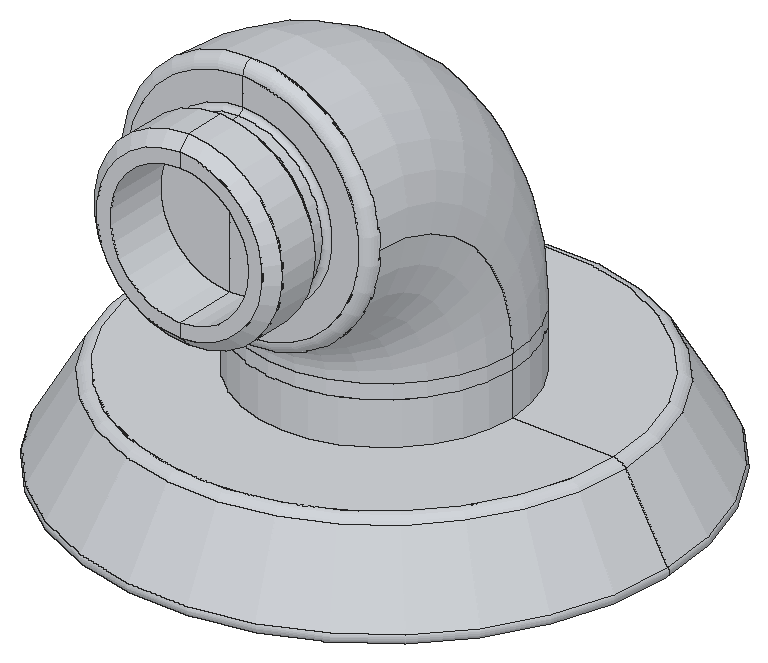
Revit family "Shower-Wall_Supply_Elbow-KOHLER-Forte-K-22174", category Plumbing Fixtures, host Face, Revit 2015
Parameters (values of type "CP-Polished Chrome")
  Width = 2 1/2"  # constant formula
  Waste Water Outlet = "Waste Water Outlet"  # constant formula
  Waste Connection = 1 = 0  # no
  Vent Connection = 1 = 0  # no
  URL = "https://www.us.kohler.com/us/"
  Type = 1
  Product Page URL = "http://www.us.kohler.com/us/catalog/productDetails.jsp?productNumber=22174"
  Product Name = "Forte"  # constant formula
  Product Documentation Link = "http://www.us.kohler.com/onlinecatalog/pdf/K-22174_spec.pdf"
  Panel Thickness = 0"
  Model = if(Type = 1, "K-22174-CP", if(Type = 2, "K-22174-SN", if(Type = 3, "K-22174-G", if(Type = 4, "K-22174-BN", if(Type = 5, "K-22174-BV", if(Type = 6, "K-22174-2BZ", "NA"))))))  # "K-22174-CP"
  Material = "Brass Construction"  # constant formula
  MasterFormat 2004 = "22.41.23"  # constant formula
  MasterFormat 1995 = "15410"  # constant formula
  Manufacturer Address = "444 Highland Dr, Kohler, WI 53044"  # constant formula
  Manufacturer = "KOHLER Co."  # constant formula
  Length = 1 15/16"  # constant formula
  Hot Water Inlet = "Tempered Water Inlet"  # constant formula
  Height = 2 1/2"  # constant formula
  HW Connection = 1 = 1  # yes
  Finish = Kohler-Metal-CP-Polished_Chrome
  Environmental Product Declaration = ""
  Drain Included = 1 = 0  # no
  Description = "Wall-mount supply elbow with check valve"  # constant formula
  Default Elevation = 36"
  Declare Label = ""
  Date Modified = "12/17/2018"  # constant formula
  Date Created = "12/17/2018"  # constant formula
  Copyright = "Copyright KOHLER Co."  # constant formula
  Contact Us = "https://www.us.kohler.com/us/static/contact.jsp"
  Cold Water Inlet = "Cold Water Inlet"  # constant formula
  CW Connection = 1 = 0  # no
  Assembly Code = "D2010700"
  ADA Compliant = 1 = 0  # no
Types (7): name | Type | Model | Finish
  (no name) | 1 | "K-22174-CP" | Kohler-Metal-CP-Polished_Chrome
  CP-Polished Chrome | 1 | "K-22174-CP" | Kohler-Metal-CP-Polished_Chrome
  SN-Vibrant Polished Nickel | 2 | "K-22174-SN" | Kohler-Metal-SN-Vibrant_Polished_Nickel
  G-Brushed Chrome | 3 | "K-22174-G" | Kohler-Metal-G-Brushed_Chrome
  BN-Vibrant Brushed Nickel | 4 | "K-22174-BN" | Kohler-Metal-BN-Vibrant_Brushed_Nickel
  BV-Vibrant Brushed Bronze | 5 | "K-22174-BV" | Kohler-Metal-BV-Brushed_Bronze
  2BZ-Oil Rubbed Bronze | 6 | "K-22174-2BZ" | Kohler-Metal-2BZ-Oil_Rubbed_Bronze
Reference planes (in)
  plane 1 "Center (Front/Back)": y = 0
  plane 2: z = 0
  plane 3 "Center (Left/Right)": x = 0
  plane 4: y = 1.25
  plane 5: x = 1.25
  plane 6: y = -1.25
  plane 7: x = -1.25
  plane 8: z = 1.9375
Dimensions and locks (in)
  "Width": plane 5 to plane 7
  "Length": plane 8 to level
  "Height": plane 6 to plane 4
  aligned and locked: host face to plane 2
  aligned and locked: host face to level
Automatic sketch dimensions
  host sketch curve to host sketch curve = 96"  (x2)
Nested families (in)
  nested 1: "K-22174" at (0, 0, 0), type "K-22174"
Connectors (in)
  piping at (0, 0, 0), diameter 0.5, driven by "HW Connection", driven by "Hot Water Inlet"
    settings: on nested 1, index 1, connector inside diameter 24", connector length 0", flow factor 0, pipe flow 0 GPM, pressure drop 0.00 psi, fitting loss kfactor 0, connector angle 0.00°, fixture units 0, engagement length 0", angle of deflection 0.00°, flow configuration 0, flow direction 1, fitting loss method 0, system type 19, joint type 0, gender type 0, connector reference index -1, connector utility 1, adjustable connector no, is connector primary yes, connector description "Tempered Water Inlet"
Definition of nested family "K-22174"
  Parameters (values of type "K-22174")
    Material = none
  Reference planes (in)
    plane 1 "Center (Front/Back)": y = 0
    plane 2: z = 0
    plane 3 "Center (Left/Right)": x = 0
    plane 4: y = -1.25
    plane 5: y = 1.25
    plane 6: z = 1.9375
    plane 7: x = 1.25
    plane 8: x = -1.25
  Forms (in)
    Revolve 1, solid, material <- "Material", detail levels medium+fine
      sketch origin (0, 0, 0) x (1, 0, 0) y (0, 0, 1)
        loop
          line (0, 0) -> (0, 0.62254) -> (-0.539, 0.62254) -> (-0.5625, 0.58771) -> (-0.5625, 0.4) -> (-1.00756, 0.4)
          arc (-1.00756, 0.4) -> (-1.03673, 0.3924) -> (-1.05849, 0.37153) r 0.0598
          arc (-1.05849, 0.37153) -> (-1.15442, 0.21069) -> (-1.24592, 0.04729) r 6.86344
          arc (-1.24592, 0.04729) -> (-1.24529, 0.01564) -> (-1.21777, 0) r 0.03202
          line (-1.21777, 0) -> (0, 0)
        axis (0, 0.62254) -> (0, 0)
      angle from 0 to 360
    Sweep 2, solid, material <- "Material", detail levels medium+fine
      path origin (0, 0, -0.00489) x (0, 1, 0) y (0, 0, 1)
        loop
          line (0, 0.59259) -> (0, 0.65425)
          arc (0, 0.65425) -> (-0.21253, 1.16735) -> (-0.72564, 1.37989) r 0.72564
      profile origin (0, 0, 0.61854) x (0, -1, 0) y (1, 0, 0)
        loop
          circle (0, 0) r 0.5625
    Revolve 3, solid, material <- "Material", detail levels medium+fine
      sketch origin (0, 0, 0) x (0, 1, 0) y (0, 0, 1)
        loop
          line (-0.69518, 1.375) -> (-0.69518, 1.91617) -> (-0.72564, 1.9375)
          arc (-0.72564, 1.9375) -> (-0.76073, 1.92089) -> (-0.775, 1.88477) r 0.05284
          line (-0.775, 1.88477) -> (-0.775, 1.76405)
          arc (-0.775, 1.76405) -> (-0.78204, 1.74704) -> (-0.79905, 1.74) r 0.02405
          line (-0.79905, 1.74) -> (-0.84958, 1.74) -> (-0.89958, 1.79) -> (-1.075, 1.79) -> (-1.125, 1.74) -> (-1.125, 1.67986) -> (-0.84965, 1.67986) -> (-0.84965, 1.375) -> (-0.69518, 1.375)
        axis (-1.125, 1.375) -> (-0.69518, 1.375)
      angle from 0 to 360
    Sweep 4, solid, material <- "Material", detail levels coarse
      path origin (0, 0, 0) x (0, 1, 0) y (0, 0, 1)
        loop
          line (0, 0.4) -> (0, 0.63602)
          arc (0, 0.63602) -> (-0.21644, 1.15856) -> (-0.73898, 1.375) r 0.73898
          line (-0.73898, 1.375) -> (-1.125, 1.375)
      profile origin (0, 0, 0.51801) x (0, -1, 0) y (1, 0, 0)
        loop
          circle (0, 0) r 0.5625
    Extrusion 5, solid, material <- "Material", detail levels coarse
      sketch origin (0, 0, 0) x (1, 0, 0) y (0, 1, 0)
        loop
          circle (0, 0) r 1.25
      from 0 to 0.4
  Cuts and joins
    joined: Revolve 1, Sweep 2, Revolve 3
    joined: Sweep 4, Extrusion 5
  Lines and regions (in)
    Masking region 1
      outline origin (0, 0, 0) x (1, 0, 0) y (0, 1, 0)
        loop
          arc (-1.25, 0) -> (-0.88388, -0.88388) -> (0, -1.25) r 1.25
          arc (0, -1.25) -> (0.88388, -0.88388) -> (1.25, 0) r 1.25
          arc (1.25, 0) -> (0.88388, 0.88388) -> (0, 1.25) r 1.25
          arc (0, 1.25) -> (-0.88388, 0.88388) -> (-1.25, 0) r 1.25
    Masking region 2
      outline origin (0, 0, 0) x (0, 1, 0) y (0, 0, 1)
        loop
          line (-1.21824, 0) -> (1.21824, 0)
          arc (1.21824, 0) -> (1.24032, 0.00892) -> (1.25, 0.03067) r 0.03178
          arc (1.25, 0.03067) -> (1.15861, 0.20953) -> (1.05185, 0.37967) r 2.28414
          arc (1.05185, 0.37967) -> (1.03088, 0.39469) -> (1.00563, 0.4) r 0.06272
          line (1.00563, 0.4) -> (0.5625, 0.4) -> (0.5625, 0.65196)
          arc (0.5625, 0.65196) -> (0.18506, 1.56189) -> (-0.72564, 1.9375) r 1.28554
          arc (-0.72564, 1.9375) -> (-0.76073, 1.92089) -> (-0.775, 1.88477) r 0.05284
          line (-0.775, 1.88477) -> (-0.775, 1.76405)
          arc (-0.775, 1.76405) -> (-0.78204, 1.74704) -> (-0.79905, 1.74) r 0.02405
          line (-0.79905, 1.74) -> (-0.84958, 1.74) -> (-0.89958, 1.79) -> (-1.075, 1.79) -> (-1.125, 1.74) -> (-1.125, 1.01) -> (-1.075, 0.96) -> (-0.89958, 0.96) -> (-0.84958, 1.01) -> (-0.79905, 1.01)
          arc (-0.79905, 1.01) -> (-0.78204, 1.00296) -> (-0.775, 0.98595) r 0.02405
          line (-0.775, 0.98595) -> (-0.775, 0.86523)
          arc (-0.775, 0.86523) -> (-0.7599, 0.82824) -> (-0.72323, 0.8124) r 0.05284
          arc (-0.72323, 0.8124) -> (-0.60938, 0.7632) -> (-0.5625, 0.64838) r 0.16405
          line (-0.5625, 0.64838) -> (-0.5625, 0.4) -> (-1.00563, 0.4)
          arc (-1.00563, 0.4) -> (-1.03088, 0.39469) -> (-1.05185, 0.37967) r 0.06272
          arc (-1.05185, 0.37967) -> (-1.15861, 0.20953) -> (-1.25, 0.03067) r 2.28414
          arc (-1.25, 0.03067) -> (-1.24032, 0.00892) -> (-1.21824, 0) r 0.03178
    Masking region 3
      outline origin (0, 0, 0) x (1, 0, 0) y (0, 0, 1)
        loop
          line (-0.5625, 0.4) -> (-1.00563, 0.4)
          arc (-1.00563, 0.4) -> (-1.03088, 0.39469) -> (-1.05185, 0.37967) r 0.06272
          arc (-1.05185, 0.37967) -> (-1.15861, 0.20953) -> (-1.25, 0.03067) r 2.28414
          arc (-1.25, 0.03067) -> (-1.24032, 0.00892) -> (-1.21824, 0) r 0.03178
          line (-1.21824, 0) -> (1.21824, 0)
          arc (1.21824, 0) -> (1.24032, 0.00892) -> (1.25, 0.03067) r 0.03178
          arc (1.25, 0.03067) -> (1.15861, 0.20953) -> (1.05185, 0.37967) r 2.28414
          arc (1.05185, 0.37967) -> (1.03088, 0.39469) -> (1.00563, 0.4) r 0.06272
          line (1.00563, 0.4) -> (0.5625, 0.4) -> (0.5625, 1.375)
          arc (0.5625, 1.375) -> (0.39775, 1.77275) -> (0, 1.9375) r 0.5625
          arc (0, 1.9375) -> (-0.39775, 1.77275) -> (-0.5625, 1.375) r 0.5625
          line (-0.5625, 1.375) -> (-0.5625, 0.4)
    symbolic lines, detail levels medium+fine
      curve 1: arc (0.415, -1.0379, 0) -> (0, 1.1178, 0) -> (-0.415, -1.0379, 0) r 1.1178
      curve 2: arc (-0.5625, 0, 0) -> (0, 0.5625, 0) -> (0.5625, 0, 0) r 0.5625
      curve 3: line (-0.5625, 0, 0) -> (-0.5625, -0.72169, 0)
      curve 4: line (-0.38781, -0.775, 0) -> (-0.50919, -0.775, 0)
      curve 5: arc (-0.5625, -0.72169, 0) -> (-0.54689, -0.75939, 0) -> (-0.50919, -0.775, 0) r 0.05331
      curve 6: line (-0.365, -1.125, 0) -> (-0.415, -1.075, 0)
      curve 7: line (-0.415, -1.075, 0) -> (-0.415, -0.89958, 0)
      curve 8: line (-0.415, -0.89958, 0) -> (-0.365, -0.84958, 0)
      curve 9: line (-0.365, -0.84958, 0) -> (-0.365, -0.79781, 0)
      curve 10: line (-0.365, -1.125, 0) -> (0.365, -1.125, 0)
      curve 11: arc (-0.365, -0.79781, 0) -> (-0.37168, -0.78168, 0) -> (-0.38781, -0.775, 0) r 0.02281
      curve 12: line (0.38781, -0.775, 0) -> (0.50919, -0.775, 0)
      curve 13: arc (0.5625, -0.72169, 0) -> (0.54689, -0.75939, 0) -> (0.50919, -0.775, 0) r 0.05331
      curve 14: line (0.365, -1.125, 0) -> (0.415, -1.075, 0)
      curve 15: line (0.415, -1.075, 0) -> (0.415, -0.89958, 0)
      curve 16: line (0.415, -0.89958, 0) -> (0.365, -0.84958, 0)
      curve 17: line (0.365, -0.84958, 0) -> (0.365, -0.79781, 0)
      curve 18: arc (0.365, -0.79781, 0) -> (0.37168, -0.78168, 0) -> (0.38781, -0.775, 0) r 0.02281
      curve 19: line (0.5625, 0, 0) -> (0.5625, -0.72169, 0)
      curve 20: line (-0.38781, -0.775, 0) -> (0.38781, -0.775, 0)
      curve 21: line (-0.365, -0.84958, 0) -> (0.365, -0.84958, 0)
      curve 22: line (-0.415, -0.89958, 0) -> (0.415, -0.89958, 0)
      curve 23: line (-0.415, -1.075, 0) -> (0.415, -1.075, 0)
      curve 24: line (0, -0.775, 1.76405) -> (0, -0.775, 0.98595)
      curve 25: line (0, -0.84958, 1.74) -> (0, -0.84958, 1.01)
      curve 26: line (0, -0.89958, 1.79) -> (0, -0.89958, 0.96)
      curve 27: line (0, -1.075, 1.79) -> (0, -1.075, 0.96)
      curve 28: line (0, 0.5625, 0.4) -> (0, -0.5625, 0.4)
      curve 29: line (-0.5625, 0, 0.4) -> (0.5625, 0, 0.4)
  Dimensions and locks (in)
    aligned and locked: level to plane 2
